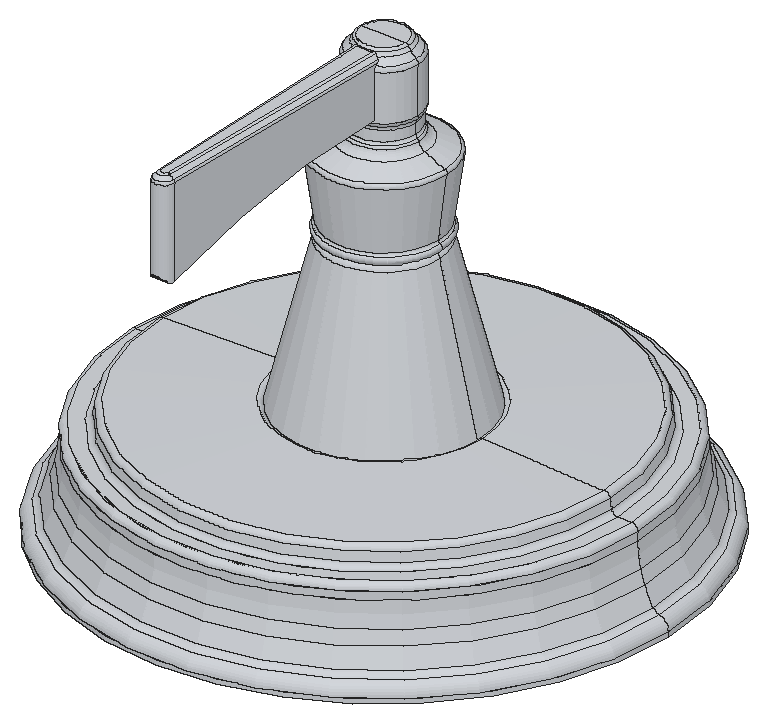
Revit family "Shower-Valve_Trim-KOHLER-Archer-K-TS98763", category Specialty Equipment, host Face, Revit 2015
Parameters (values of type "CP-Polished Chrome")
  Width = 6 1/2"  # constant formula
  WaterSense Certified = 1 = 0  # no
  URL = "https://www.us.kohler.com/us/"
  Type = 1
  Product Page URL = "http://www.us.kohler.com/us/catalog/productDetails.jsp?productNumber=TS98763-4"
  Product Name = "Archer"  # constant formula
  Product Documentation Link = "https://www.us.kohler.com/webassets/kpna/catalog/pdf/en/K-TS98763-4_spec.pdf"
  Model = if(Type = 1, "K-TS98763-4-CP", if(Type = 2, "K-TS98763-4-BN", "NA"))  # "K-TS98763-4-CP"
  Material = "Premium Metal Construction"  # constant formula
  MasterFormat 2004 = "10.28.13"  # constant formula
  MasterFormat 1995 = "10820"  # constant formula
  Manufacturer Address = "444 Highland Dr, Kohler, WI 53044"  # constant formula
  Manufacturer = "KOHLER Co."  # constant formula
  Length = 5"  # constant formula
  Height = 6 1/2"  # constant formula
  Finish = Kohler-Metal-CP-Polished_Chrome
  Environmental Product Declaration = ""
  Description = "Rite-Temp valve trim with lever handle"  # constant formula
  Default Elevation = 42"
  Declare Label = ""
  Date Modified = "02/14/2019"  # constant formula
  Date Created = "02/14/2019"  # constant formula
  Copyright = "Copyright KOHLER Co."  # constant formula
  Contact Us = "https://www.us.kohler.com/us/static/contact.jsp"
  Assembly Code = "C1030200"
  ADA Compliant = 1 = 1  # yes
Types (3): name | Type | Model | Finish
  (no name) | 1 | "K-TS98763-4-CP" | Kohler-Metal-CP-Polished_Chrome
  CP-Polished Chrome | 1 | "K-TS98763-4-CP" | Kohler-Metal-CP-Polished_Chrome
  BN-Vibrant Brushed Nickel | 2 | "K-TS98763-4-BN" | Kohler-Metal-BN-Vibrant_Brushed_Nickel
Reference planes (in)
  plane 1 "Center (Front/Back)": y = 0
  plane 2: z = 0
  plane 3 "Center (Left/Right)": x = 0
  plane 4: x = -3.25
  plane 5: y = 3.25
  plane 6: x = 3.25
  plane 7: y = -3.25
  plane 8: z = 5
Dimensions and locks (in)
  "Width": plane 4 to plane 6
  "Height": plane 7 to plane 5
  "Length": plane 8 to plane 2
  locked: plane 1 "Center (Front/Back)" to plane 7 at 3.25
  aligned and locked: host face to plane 2
  aligned and locked: host face to level
Automatic sketch dimensions
  host sketch curve to host sketch curve = 96"  (x2)
Nested families (in)
  nested 1: "K-TS98763" at (0, 0, 0), type "K-TS98763"
Definition of nested family "K-TS98763"
  Parameters (values of type "K-TS98763")
    Material = none
  Reference planes (in)
    plane 1 "Center (Front/Back)": y = 0
    plane 2: z = 0
    plane 3 "Center (Left/Right)": x = 0
    plane 4: x = -3.25
    plane 5: x = 3.25
    plane 6: y = 3.25
    plane 7: y = -3.25
    plane 8: z = 5
  Forms (in)
    Revolve 1, solid, material <- "Material", detail levels medium+fine
      sketch origin (0, 0, 0) x (1, 0, 0) y (0, 0, 1)
        loop
          arc (3.25, 0.0519) -> (3.22098, 0.13855) -> (3.14562, 0.19023) r 0.14384
          arc (3.14562, 0.19023) -> (3.10597, 0.21045) -> (3.07689, 0.24416) r 0.11562
          arc (3.07689, 0.24416) -> (3.02684, 0.34159) -> (2.98544, 0.443) r 1.25999
          arc (2.98544, 0.443) -> (2.96105, 0.51497) -> (2.93917, 0.58775) r 2.18751
          arc (2.93917, 0.58775) -> (2.91043, 0.72529) -> (2.90079, 0.86546) r 1.024
          line (2.90079, 0.86546) -> (2.90079, 0.95278)
          arc (2.90079, 0.95278) -> (2.87964, 1.00385) -> (2.82858, 1.025) r 0.07222
          line (2.82858, 1.025) -> (2.66918, 1.025)
          arc (2.66918, 1.025) -> (2.62402, 1.04144) -> (2.59999, 1.08306) r 0.07026
          line (2.59999, 1.08306) -> (2.58224, 1.18372)
          arc (2.58224, 1.18372) -> (2.55885, 1.22523) -> (2.5146, 1.2429) r 0.07169
          arc (2.5146, 1.2429) -> (1.82373, 1.26797) -> (1.13263, 1.28602) r 68.04246
          arc (1.13263, 1.28602) -> (1.10033, 1.27655) -> (1.07934, 1.25022) r 0.05584
          line (1.07934, 1.25022) -> (0.63987, 2.94977)
          arc (0.63987, 2.94977) -> (0.60605, 3.00111) -> (0.54788, 3.021) r 0.09502
          line (0.54788, 3.021) -> (0.61423, 3.021)
          arc (0.61423, 3.021) -> (0.65839, 3.05306) -> (0.64157, 3.10497) r 0.04644
          arc (0.64157, 3.10497) -> (0.62816, 3.12186) -> (0.62535, 3.14325) r 0.04039
          line (0.62535, 3.14325) -> (0.72356, 3.8421)
          arc (0.72356, 3.8421) -> (0.71838, 3.86943) -> (0.69762, 3.88795) r 0.04327
          line (0.69762, 3.88795) -> (0.46754, 3.98562)
          arc (0.46754, 3.98562) -> (0.42157, 4.0191) -> (0.39504, 4.0694) r 0.12579
          arc (0.39504, 4.0694) -> (0.38898, 4.08362) -> (0.37908, 4.0955) r 0.05321
          arc (0.37908, 4.0955) -> (0.36681, 4.11231) -> (0.36247, 4.13267) r 0.04989
          line (0.36247, 4.13267) -> (0.36247, 4.25062)
          arc (0.36247, 4.25062) -> (0.36629, 4.27275) -> (0.37731, 4.29232) r 0.06601
          arc (0.37731, 4.29232) -> (0.3871, 4.30972) -> (0.3905, 4.32939) r 0.05869
          line (0.3905, 4.32939) -> (0.3905, 4.85109)
          arc (0.3905, 4.85109) -> (0.38478, 4.87988) -> (0.36847, 4.90428) r 0.07521
          line (0.36847, 4.90428) -> (0.30378, 4.96897)
          arc (0.30378, 4.96897) -> (0.28854, 4.98778) -> (0.27753, 5.00934) r 0.11603
          arc (0.27753, 5.00934) -> (0.26653, 5.02329) -> (0.24956, 5.02855) r 0.02997
          line (0.24956, 5.02855) -> (0, 5.02855) -> (0, 0) -> (3.25, 0) -> (3.25, 0.0519)
        axis (0, 5.02855) -> (0, 0)
      angle from 0 to 360
    Sweep 2, solid, material <- "Material", detail levels medium+fine
      path origin (0, 0, 0) x (1, 0, 0) y (0, 1, 0)
        loop
          line (0.17187, 0) -> (0.11715, -3.13488)
          arc (0.11715, -3.13488) -> (0, -3.25) -> (-0.11715, -3.13488) r 0.11716
          line (-0.11715, -3.13488) -> (-0.17187, 0)
      profile origin (0, -3.25, 0) x (0, -1, 0) y (0, 0, 1)
        loop
          arc (0, 4.92088) -> (-0.00306, 4.93625) -> (-0.01177, 4.94929) r 0.04018
          line (-0.01177, 4.94929) -> (-0.05031, 4.98783)
          arc (-0.05031, 4.98783) -> (-0.06379, 4.99684) -> (-0.0797, 5) r 0.04157
          line (-0.0797, 5) -> (-0.0797, 3.88037) -> (0, 3.88037) -> (0, 4.92088)
    Extrusion 3, solid, material <- "Material", detail levels medium+fine
      sketch origin (0, 0, 0) x (1, 0, 0) y (0, 1, 0)
        loop
          arc (-0.03746, -3.13349) -> (0, -3.1703) -> (0.03746, -3.13349) r 0.03747
          line (0.03746, -3.13349) -> (0.09218, 0.00139) -> (-0.09218, 0.00139) -> (-0.03746, -3.13349)
      from 3.88037 to 5
    Extrusion 4, void
      sketch origin (0, 0, 0) x (0, 1, 0) y (0, 0, 1)
        loop
          arc (-1.29673, 4.31046) -> (-1.75698, 4.2453) -> (-2.21492, 4.16549) r 14.56819
          arc (-2.21492, 4.16549) -> (-2.68659, 4.05739) -> (-3.14902, 3.91491) r 6.57697
          arc (-3.14902, 3.91491) -> (-3.17558, 3.91343) -> (-3.19886, 3.9263) r 0.04808
          line (-3.19886, 3.9263) -> (-3.27266, 4.00011) -> (-3.31316, 4.00011) -> (-3.31316, 3.75011) -> (-0.22652, 3.75011) -> (-0.22652, 4.35248)
          arc (-0.22652, 4.35248) -> (-0.76252, 4.35434) -> (-1.29673, 4.31046) r 6.27578
      from -0.23904 to 0.21756
    Revolve 5, solid, material <- "Material", detail levels coarse
      sketch origin (0, 0, 0) x (0, 1, 0) y (0, 0, 1)
        loop
          line (0, 5) -> (-0.37731, 5) -> (-0.37731, 3.84285) -> (-1.06975, 3.84285) -> (-1.06975, 1.28731) -> (-3.25, 1.28731) -> (-3.25, 0) -> (0, 0) -> (0, 5)
        axis (0, 5) -> (0, 0)
      angle from 0 to 360
    Extrusion 6, solid, material <- "Material", detail levels coarse
      sketch origin (0, 0, 0) x (1, 0, 0) y (0, 0, 1)
        loop
          line (0.14911, 5) -> (-0.16663, 5) -> (-0.16663, 3.91243) -> (0.14911, 3.91243) -> (0.14911, 5)
      from 0 to 3.25738
  Cuts and joins
    Extrusion 4 cuts Sweep 2
    Extrusion 4 cuts Extrusion 3
    joined: Revolve 1, Sweep 2, Extrusion 3
    joined: Revolve 5, Extrusion 6
  Lines and regions (in)
    Masking region 1
      outline origin (0, 0, 0) x (0, 1, 0) y (0, 0, 1)
        loop
          line (-3.25, 0.0519) -> (-3.25, 0) -> (0, 0) -> (3.25, 0) -> (3.25, 0.0519)
          arc (3.25, 0.0519) -> (3.22098, 0.13855) -> (3.14562, 0.19023) r 0.14384
          arc (3.14562, 0.19023) -> (3.10597, 0.21045) -> (3.07689, 0.24416) r 0.11562
          arc (3.07689, 0.24416) -> (3.02684, 0.34159) -> (2.98544, 0.443) r 1.25999
          arc (2.98544, 0.443) -> (2.96105, 0.51497) -> (2.93917, 0.58775) r 2.18751
          arc (2.93917, 0.58775) -> (2.91043, 0.72529) -> (2.90079, 0.86546) r 1.024
          line (2.90079, 0.86546) -> (2.90079, 0.95278)
          arc (2.90079, 0.95278) -> (2.87964, 1.00385) -> (2.82858, 1.025) r 0.07222
          line (2.82858, 1.025) -> (2.66918, 1.025)
          arc (2.66918, 1.025) -> (2.62402, 1.04144) -> (2.59999, 1.08306) r 0.07026
          line (2.59999, 1.08306) -> (2.58224, 1.18372)
          arc (2.58224, 1.18372) -> (2.55885, 1.22523) -> (2.5146, 1.2429) r 0.07169
          arc (2.5146, 1.2429) -> (1.79229, 1.26895) -> (1.06975, 1.28731) r 68.04246
          line (1.06975, 1.28731) -> (0.63987, 2.94977)
          arc (0.63987, 2.94977) -> (0.60605, 3.00111) -> (0.54788, 3.021) r 0.09502
          line (0.54788, 3.021) -> (0.61423, 3.021)
          arc (0.61423, 3.021) -> (0.65839, 3.05306) -> (0.64157, 3.10497) r 0.04644
          arc (0.64157, 3.10497) -> (0.62816, 3.12186) -> (0.62535, 3.14325) r 0.04039
          line (0.62535, 3.14325) -> (0.72356, 3.8421)
          arc (0.72356, 3.8421) -> (0.71838, 3.86943) -> (0.69762, 3.88795) r 0.04327
          line (0.69762, 3.88795) -> (0.46754, 3.98562)
          arc (0.46754, 3.98562) -> (0.42157, 4.0191) -> (0.39504, 4.0694) r 0.12579
          arc (0.39504, 4.0694) -> (0.38898, 4.08362) -> (0.37908, 4.0955) r 0.05321
          arc (0.37908, 4.0955) -> (0.36681, 4.11231) -> (0.36247, 4.13267) r 0.04989
          line (0.36247, 4.13267) -> (0.36247, 4.25062)
          arc (0.36247, 4.25062) -> (0.36629, 4.27275) -> (0.37731, 4.29232) r 0.06601
          arc (0.37731, 4.29232) -> (0.3871, 4.30972) -> (0.3905, 4.32939) r 0.05869
          line (0.3905, 4.32939) -> (0.3905, 4.85109)
          arc (0.3905, 4.85109) -> (0.38478, 4.87988) -> (0.36847, 4.90428) r 0.07521
          line (0.36847, 4.90428) -> (0.30378, 4.96897)
          arc (0.30378, 4.96897) -> (0.28854, 4.98778) -> (0.27753, 5.00934) r 0.11603
          arc (0.27753, 5.00934) -> (0.26653, 5.02329) -> (0.24956, 5.02855) r 0.02997
          line (0.24956, 5.02855) -> (0, 5.02855) -> (-0.24956, 5.02855)
          arc (-0.24956, 5.02855) -> (-0.27025, 5.02027) -> (-0.2795, 5) r 0.02997
          line (-0.2795, 5) -> (-3.16949, 5)
          arc (-3.16949, 5) -> (-3.18615, 4.99669) -> (-3.20027, 4.98725) r 0.04352
          line (-3.20027, 4.98725) -> (-3.23781, 4.94971)
          arc (-3.23781, 4.94971) -> (-3.24683, 4.93621) -> (-3.25, 4.92028) r 0.04162
          line (-3.25, 4.92028) -> (-3.25, 3.99404)
          arc (-3.25, 3.99404) -> (-3.24695, 3.97871) -> (-3.23827, 3.96571) r 0.04006
          line (-3.23827, 3.96571) -> (-3.19886, 3.9263)
          arc (-3.19886, 3.9263) -> (-3.17558, 3.91343) -> (-3.14902, 3.91491) r 0.04808
          arc (-3.14902, 3.91491) -> (-2.68659, 4.05739) -> (-2.21492, 4.16549) r 6.57697
          arc (-2.21492, 4.16549) -> (-1.75698, 4.2453) -> (-1.29673, 4.31046) r 14.56819
          arc (-1.29673, 4.31046) -> (-0.85925, 4.3498) -> (-0.42009, 4.35844) r 6.27578
          arc (-0.42009, 4.35844) -> (-0.39925, 4.3496) -> (-0.3905, 4.32873) r 0.03005
          arc (-0.3905, 4.32873) -> (-0.38699, 4.3094) -> (-0.37731, 4.29232) r 0.05869
          arc (-0.37731, 4.29232) -> (-0.36629, 4.27275) -> (-0.36247, 4.25062) r 0.06601
          line (-0.36247, 4.25062) -> (-0.36247, 4.13267)
          arc (-0.36247, 4.13267) -> (-0.36681, 4.11231) -> (-0.37908, 4.0955) r 0.04989
          arc (-0.37908, 4.0955) -> (-0.38898, 4.08362) -> (-0.39504, 4.0694) r 0.05321
          arc (-0.39504, 4.0694) -> (-0.42157, 4.0191) -> (-0.46754, 3.98562) r 0.12579
          line (-0.46754, 3.98562) -> (-0.69762, 3.88795)
          arc (-0.69762, 3.88795) -> (-0.71838, 3.86943) -> (-0.72356, 3.8421) r 0.04327
          line (-0.72356, 3.8421) -> (-0.62535, 3.14325)
          arc (-0.62535, 3.14325) -> (-0.62816, 3.12186) -> (-0.64157, 3.10497) r 0.04039
          arc (-0.64157, 3.10497) -> (-0.65839, 3.05306) -> (-0.61423, 3.021) r 0.04644
          line (-0.61423, 3.021) -> (-0.54788, 3.021)
          arc (-0.54788, 3.021) -> (-0.60605, 3.00111) -> (-0.63987, 2.94977) r 0.09502
          line (-0.63987, 2.94977) -> (-1.06975, 1.28731)
          arc (-1.06975, 1.28731) -> (-1.79229, 1.26895) -> (-2.5146, 1.2429) r 68.04246
          arc (-2.5146, 1.2429) -> (-2.55885, 1.22523) -> (-2.58224, 1.18372) r 0.07169
          line (-2.58224, 1.18372) -> (-2.59999, 1.08306)
          arc (-2.59999, 1.08306) -> (-2.62402, 1.04144) -> (-2.66918, 1.025) r 0.07026
          line (-2.66918, 1.025) -> (-2.82858, 1.025)
          arc (-2.82858, 1.025) -> (-2.87964, 1.00385) -> (-2.90079, 0.95278) r 0.07222
          line (-2.90079, 0.95278) -> (-2.90079, 0.86546)
          arc (-2.90079, 0.86546) -> (-2.91043, 0.72529) -> (-2.93917, 0.58775) r 1.024
          arc (-2.93917, 0.58775) -> (-2.96105, 0.51497) -> (-2.98544, 0.443) r 2.18751
          arc (-2.98544, 0.443) -> (-3.02684, 0.34159) -> (-3.07689, 0.24416) r 1.25999
          arc (-3.07689, 0.24416) -> (-3.10597, 0.21045) -> (-3.14562, 0.19023) r 0.11562
          arc (-3.14562, 0.19023) -> (-3.22098, 0.13855) -> (-3.25, 0.0519) r 0.14384
    Masking region 2
      outline origin (0, 0, 0) x (1, 0, 0) y (0, 0, 1)
        loop
          line (-3.25, 0.0519) -> (-3.25, 0) -> (0, 0) -> (3.25, 0) -> (3.25, 0.0519)
          arc (3.25, 0.0519) -> (3.22098, 0.13855) -> (3.14562, 0.19023) r 0.14384
          arc (3.14562, 0.19023) -> (3.10597, 0.21045) -> (3.07689, 0.24416) r 0.11562
          arc (3.07689, 0.24416) -> (3.02684, 0.34159) -> (2.98544, 0.443) r 1.25999
          arc (2.98544, 0.443) -> (2.96105, 0.51497) -> (2.93917, 0.58775) r 2.18751
          arc (2.93917, 0.58775) -> (2.91043, 0.72529) -> (2.90079, 0.86546) r 1.024
          line (2.90079, 0.86546) -> (2.90079, 0.95278)
          arc (2.90079, 0.95278) -> (2.87964, 1.00385) -> (2.82858, 1.025) r 0.07222
          line (2.82858, 1.025) -> (2.66918, 1.025)
          arc (2.66918, 1.025) -> (2.62402, 1.04144) -> (2.59999, 1.08306) r 0.07026
          line (2.59999, 1.08306) -> (2.58224, 1.18372)
          arc (2.58224, 1.18372) -> (2.55885, 1.22523) -> (2.5146, 1.2429) r 0.07169
          arc (2.5146, 1.2429) -> (1.79229, 1.26895) -> (1.06975, 1.28731) r 68.04246
          line (1.06975, 1.28731) -> (0.63987, 2.94977)
          arc (0.63987, 2.94977) -> (0.60605, 3.00111) -> (0.54788, 3.021) r 0.09502
          line (0.54788, 3.021) -> (0.61423, 3.021)
          arc (0.61423, 3.021) -> (0.65839, 3.05306) -> (0.64157, 3.10497) r 0.04644
          arc (0.64157, 3.10497) -> (0.62816, 3.12186) -> (0.62535, 3.14325) r 0.04039
          line (0.62535, 3.14325) -> (0.72356, 3.8421)
          arc (0.72356, 3.8421) -> (0.71838, 3.86943) -> (0.69762, 3.88795) r 0.04327
          line (0.69762, 3.88795) -> (0.46754, 3.98562)
          arc (0.46754, 3.98562) -> (0.42157, 4.0191) -> (0.39504, 4.0694) r 0.12579
          arc (0.39504, 4.0694) -> (0.38898, 4.08362) -> (0.37908, 4.0955) r 0.05321
          arc (0.37908, 4.0955) -> (0.36681, 4.11231) -> (0.36247, 4.13267) r 0.04989
          line (0.36247, 4.13267) -> (0.36247, 4.25062)
          arc (0.36247, 4.25062) -> (0.36629, 4.27275) -> (0.37731, 4.29232) r 0.06601
          arc (0.37731, 4.29232) -> (0.3871, 4.30972) -> (0.3905, 4.32939) r 0.05869
          line (0.3905, 4.32939) -> (0.3905, 4.85109)
          arc (0.3905, 4.85109) -> (0.38478, 4.87988) -> (0.36847, 4.90428) r 0.07521
          line (0.36847, 4.90428) -> (0.30378, 4.96897)
          arc (0.30378, 4.96897) -> (0.28854, 4.98778) -> (0.27753, 5.00934) r 0.11603
          arc (0.27753, 5.00934) -> (0.26653, 5.02329) -> (0.24956, 5.02855) r 0.02997
          line (0.24956, 5.02855) -> (0, 5.02855) -> (-0.24956, 5.02855)
          arc (-0.24956, 5.02855) -> (-0.26653, 5.02329) -> (-0.27753, 5.00934) r 0.02997
          arc (-0.27753, 5.00934) -> (-0.28854, 4.98778) -> (-0.30378, 4.96897) r 0.11603
          line (-0.30378, 4.96897) -> (-0.36847, 4.90428)
          arc (-0.36847, 4.90428) -> (-0.38478, 4.87988) -> (-0.3905, 4.85109) r 0.07521
          line (-0.3905, 4.85109) -> (-0.3905, 4.32939)
          arc (-0.3905, 4.32939) -> (-0.3871, 4.30972) -> (-0.37731, 4.29232) r 0.05869
          arc (-0.37731, 4.29232) -> (-0.36629, 4.27275) -> (-0.36247, 4.25062) r 0.06601
          line (-0.36247, 4.25062) -> (-0.36247, 4.13267)
          arc (-0.36247, 4.13267) -> (-0.36681, 4.11231) -> (-0.37908, 4.0955) r 0.04989
          arc (-0.37908, 4.0955) -> (-0.38898, 4.08362) -> (-0.39504, 4.0694) r 0.05321
          arc (-0.39504, 4.0694) -> (-0.42157, 4.0191) -> (-0.46754, 3.98562) r 0.12579
          line (-0.46754, 3.98562) -> (-0.69762, 3.88795)
          arc (-0.69762, 3.88795) -> (-0.71838, 3.86943) -> (-0.72356, 3.8421) r 0.04327
          line (-0.72356, 3.8421) -> (-0.62535, 3.14325)
          arc (-0.62535, 3.14325) -> (-0.62816, 3.12186) -> (-0.64157, 3.10497) r 0.04039
          arc (-0.64157, 3.10497) -> (-0.65839, 3.05306) -> (-0.61423, 3.021) r 0.04644
          line (-0.61423, 3.021) -> (-0.54788, 3.021)
          arc (-0.54788, 3.021) -> (-0.60605, 3.00111) -> (-0.63987, 2.94977) r 0.09502
          line (-0.63987, 2.94977) -> (-1.06975, 1.28731)
          arc (-1.06975, 1.28731) -> (-1.79229, 1.26895) -> (-2.5146, 1.2429) r 68.04246
          arc (-2.5146, 1.2429) -> (-2.55885, 1.22523) -> (-2.58224, 1.18372) r 0.07169
          line (-2.58224, 1.18372) -> (-2.59999, 1.08306)
          arc (-2.59999, 1.08306) -> (-2.62402, 1.04144) -> (-2.66918, 1.025) r 0.07026
          line (-2.66918, 1.025) -> (-2.82858, 1.025)
          arc (-2.82858, 1.025) -> (-2.87964, 1.00385) -> (-2.90079, 0.95278) r 0.07222
          line (-2.90079, 0.95278) -> (-2.90079, 0.86546)
          arc (-2.90079, 0.86546) -> (-2.91043, 0.72529) -> (-2.93917, 0.58775) r 1.024
          arc (-2.93917, 0.58775) -> (-2.96105, 0.51497) -> (-2.98544, 0.443) r 2.18751
          arc (-2.98544, 0.443) -> (-3.02684, 0.34159) -> (-3.07689, 0.24416) r 1.25999
          arc (-3.07689, 0.24416) -> (-3.10597, 0.21045) -> (-3.14562, 0.19023) r 0.11562
          arc (-3.14562, 0.19023) -> (-3.22098, 0.13855) -> (-3.25, 0.0519) r 0.14384
    Masking region 3
      outline origin (0, 0, 0) x (1, 0, 0) y (0, 1, 0)
        loop
          arc (-3.25, 0) -> (-2.2981, -2.2981) -> (0, -3.25) r 3.25
          arc (0, -3.25) -> (2.2981, -2.2981) -> (3.25, 0) r 3.25
          arc (3.25, 0) -> (2.2981, 2.2981) -> (0, 3.25) r 3.25
          arc (0, 3.25) -> (-2.2981, 2.2981) -> (-3.25, 0) r 3.25
    symbolic lines, detail levels medium+fine
      curve 1: line (0, 3.14562, 0.19023) -> (0, -3.14562, 0.19023)
      curve 2: line (0, 2.66918, 1.025) -> (0, -2.66918, 1.025)
      curve 3: line (0, 1.06975, 1.28731) -> (0, -1.06975, 1.28731)
      curve 4: line (0, 0.54788, 3.021) -> (0, -0.54788, 3.021)
      curve 5: line (0, 0.64157, 3.10497) -> (0, -0.64157, 3.10497)
      curve 6: line (0, 0.69762, 3.88795) -> (0, -0.69762, 3.88795)
      curve 7: line (0, 0.3905, 4.32939) -> (0, -0.39051, 4.32939)
      curve 8: line (0, 0.37731, 4.29232) -> (0, -0.37731, 4.29232)
      curve 9: line (0, -0.2795, 5) -> (0, 0.2823, 5)
      curve 10: line (0, -0.3536, 4.85109) -> (0, -0.3536, 4.40161)
      curve 11: arc (0, -0.3289, 4.90428) -> (0, -0.34713, 4.88041) -> (0, -0.3536, 4.85109) r 0.06959
      curve 12: arc (0, -0.28383, 4.94929) -> (0, -0.30542, 4.92584) -> (0, -0.3289, 4.90428) r 0.38081
      curve 13: arc (0, -0.26769, 5) -> (0, -0.27069, 4.97303) -> (0, -0.28383, 4.94929) r 0.06926
      curve 14: arc (0, -0.3536, 4.40161) -> (0, -0.36337, 4.36106) -> (0, -0.39051, 4.32939) r 0.08912
      curve 15: line (3.14562, 0, 0.19023) -> (-3.14562, 0, 0.19023)
      curve 16: line (2.66918, 0, 1.025) -> (-2.66918, 0, 1.025)
      curve 17: line (1.06975, 0, 1.28731) -> (-1.06975, 0, 1.28731)
      curve 18: line (0.54788, 0, 3.021) -> (-0.54788, 0, 3.021)
      curve 19: line (0.64157, 0, 3.10497) -> (-0.64157, 0, 3.10497)
      curve 20: line (0.69762, 0, 3.88795) -> (-0.69762, 0, 3.88795)
      curve 21: line (0.3905, 0, 4.32939) -> (-0.3905, 0, 4.32939)
      curve 22: line (0.37731, 0, 4.29232) -> (-0.37731, 0, 4.29232)
      curve 23: line (0.2823, 0, 5) -> (-0.28233, 0, 5)
      curve 24: line (-0.16419, -0.43978, 0) -> (-0.12128, -2.89836, 0)
      curve 25: line (0.11715, -3.13488, 0) -> (0.12128, -2.89836, 0)
      curve 26: arc (-0.11715, -3.13488, 0) -> (-0.08212, -3.2164, 0) -> (0, -3.25, 0) r 0.11716
      curve 27: arc (0, -3.25, 0) -> (0.08212, -3.2164, 0) -> (0.11715, -3.13488, 0) r 0.11716
      curve 28: arc (0.22686, -0.32055, 0) -> (0.00024, 0.39271, 0) -> (-0.22726, -0.32027, 0) r 0.39271
      curve 29: arc (-0.22726, -0.32027, 0) -> (-0.18148, -0.37251, 0) -> (-0.16419, -0.43978, 0) r 0.14975
      curve 30: arc (0.1642, -0.43912, 0) -> (0.18138, -0.37235, 0) -> (0.22686, -0.32055, 0) r 0.14844
      curve 31: line (-0.1006, -0.42051, 0) -> (-0.05325, -3.13318, 0)
      curve 32: line (0.1006, -0.42051, 0) -> (0.05325, -3.13318, 0)
      curve 33: arc (-0.05325, -3.13318, 0) -> (0, -3.18551, 0) -> (0.05325, -3.13318, 0) r 0.05326
      curve 34: arc (0.17373, -0.29518, 0) -> (0, 0.34251, 0) -> (-0.17373, -0.29518, 0) r 0.34251
      curve 35: arc (-0.17373, -0.29518, 0) -> (-0.12081, -0.3483, 0) -> (-0.1006, -0.42051, 0) r 0.14844
      curve 36: arc (0.17373, -0.29518, 0) -> (0.12081, -0.3483, 0) -> (0.1006, -0.42051, 0) r 0.14844
      curve 37: circle (0, 0, 0) r 0.25 normal (0, 0, 1)
      curve 38: arc (0.15953, -0.70651, 0) -> (0, 0.7243, 0) -> (-0.15953, -0.70651, 0) r 0.7243
      curve 39: arc (0.15323, -1.0679, 0) -> (0, 1.07884, 0) -> (-0.15323, -1.0679, 0) r 1.07884
      curve 40: arc (0.12128, -2.89836, 0) -> (0, 2.9009, 0) -> (-0.12128, -2.89836, 0) r 2.9009
      curve 41: line (-0.12128, -2.89836, 0) -> (-0.11715, -3.13488, 0)
      curve 42: line (0.12128, -2.89836, 0) -> (0.1642, -0.43912, 0)
  Dimensions and locks (in)
    locked: plane 4 to plane 5 at 6.5
    locked: plane 6 to plane 7 at 6.5
    locked: plane 8 to plane 2 at 5
    aligned and locked: plane 2 to level
